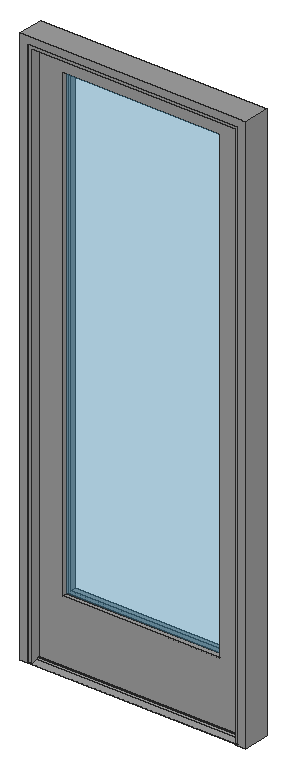
Revit family "AD-375 DOOR-1-PD-CW_v05", category Curtain Panels, Revit 2015
Parameters
  Width [instance] = 3' - 2"
  URL = "obe.com"
  Rough Width [instance] = 3' - 0"
  Panel Width [instance] = Width - 0' 2 1/2"  # 2' - 11 1/2"
  Panel Offset [instance] = 0' - 0"
  Offset [instance] = 0' - 6"
  Model = "AD-375 DOOR"
  Min-Max Rough Width [instance] = if(and((Rough Width > 3' 1 255/256"), (Rough Width < 3' 8 1/256")), Rough Width, 3' 2 1/2")  # 3' - 2 1/2"
  Min-Max Panel Width [instance] = if(and((Rough Width > 3' 1 255/256"), (Rough Width < 3' 8 1/256")), Rough Width - 0' 2 1/2", 3' 0")  # 3' - 0"
  Manufacturer = "Oldcastle BuildingEnvelope®"
  Keynote = "08 11 00"
  Height [instance] = 8' - 0"
  Glass Material = Glass
  Frame Material = Aluminum
  Door Panel Height [instance] = Height - 0' 0 21/32"  # 7' - 11 11/32"
  Description = "AD-375 - 1\" Door Infill"
  Assembly Code = "B2030"
  Analytic Construction = "<None>"
  6 Bottom Rail [instance] = no
  10 Bottom Rail [instance] = not([6 Bottom Rail])  # yes
Reference planes (in)
  plane 1 "Front": y = 0
  plane 2: z = 0
  plane 3 "Center (Left/Right)": x = 0
  plane 4 "Left": x = -19
  plane 5 "Right": x = 19
  plane 6 "Top": z = 96
  plane 7 "Offset": y = -6
  plane 8: x = -19.25
  plane 9: x = 19.25
Forms (in)
  Sweep 1, solid, material "Aluminum" <- "Frame Material"
    path origin (0, -6, 0) x (-1, 0, 0) y (0, 0, 1)
      loop
        line (-19.25, 96) -> (-19.25, 0)
    profile origin (19.25, -6, 48) x (0, 1, 0) y (-1, 0, 0)
      loop
        line (0, 0) -> (0, 1.25) -> (-2.7624, 1.25) -> (-2.7624, 1.812) -> (-4.3574, 1.812) -> (-4.3574, 1.25) -> (-4.50055, 1.25) -> (-4.50055, 0) -> (0, 0)
  Sweep 2, solid, material "Aluminum" <- "Frame Material"
    path origin (0, -6, 0) x (-1, 0, 0) y (0, 0, 1)
      loop
        line (19.25, 96) -> (19.25, 0)
    profile origin (-19.25, -6, 48) x (0, 1, 0) y (-1, 0, 0)
      loop
        line (0, 0) -> (-4.50055, 0) -> (-4.50055, -1.25) -> (-4.3574, -1.25) -> (-4.3574, -1.812) -> (-2.7624, -1.812) -> (-2.7624, -1.25) -> (0, -1.25) -> (0, 0)
  Sweep 3, solid, material "Aluminum" <- "Frame Material"
    path origin (0, -6, 0) x (-1, 0, 0) y (0, 0, 1)
      loop
        line (19.25, 96) -> (-19.25, 96)
    profile origin (0, -6, 96) x (0, 0, -1) y (0, 1, 0)
      loop
        line (1.25, 0) -> (0, 0) -> (0, -4.50055) -> (1.25, -4.50055) -> (1.25, -4.3574) -> (1.812, -4.3574) -> (1.812, -2.7624) -> (1.25, -2.7624) -> (1.25, 0)
Cuts and joins
  joined: Sweep 1, Sweep 2, Sweep 3
Text (in)
  text "Exterior" at (-54.29358, 31.38743, 0), in view "Ref. Level"
  text "Exterior" at (480, 41.53993, 89.60405), in view "Right"
  text "Exterior" at (-240, 57.82419, 105.78864), in view "Left"
Dimensions and locks (in)
  equal spacing: plane 4 "Left", plane 3 "Center (Left/Right)", plane 5 "Right"
  "Width": plane 4 "Left" to plane 5 "Right"
  "Height": plane 6 "Top" to plane 2
  "Offset": plane 7 "Offset" to plane 1 "Front"
  locked: plane 7 "Offset" to nested 2 at 1.4437
  locked: plane 9 to nested 2 at 1.25
  locked: plane 7 "Offset" to nested 3 at 1.4437
  locked: nested 3 to plane 8 at 1.25
  locked: nested 4 to plane 6 "Top" at 1.25
  locked: plane 7 "Offset" to nested 4 at 1.4437
  equal spacing: plane 8, plane 3 "Center (Left/Right)", plane 9
  "Min-Max Rough Width": plane 8 to plane 9
  locked: nested 1 to plane 7 "Offset" at 1.4437
  aligned and locked: level to plane 2
  aligned and locked: plane 3 "Center (Left/Right)" to nested 1
  aligned and locked: plane 2 to Sweep 1 sketch curve
  aligned and locked: plane 6 "Top" to Sweep 1 sketch curve
  aligned and locked: plane 2 to Sweep 2 sketch curve
  aligned and locked: plane 6 "Top" to Sweep 2 sketch curve
  aligned and locked: plane 6 "Top" to Sweep 3 sketch curve
  aligned and locked: plane 8 to Sweep 2 sketch curve
  aligned and locked: Sweep 1 sketch curve to plane 9
  aligned and locked: plane 9 to Sweep 3 sketch curve
  aligned and locked: plane 8 to Sweep 3 sketch curve
Automatic sketch dimensions
  Sweep 2 sketch curve to Sweep 2 sketch curve = 0' - 0.14315"
  Sweep 2 sketch curve to Sweep 2 sketch curve = 0' - 1.595"
  profile plane to Sweep 2 sketch curve = 0' - 1 1/4"  (x2)
  Sweep 2 sketch curve to Sweep 2 sketch curve = 0' - 2.7624"
  Sweep 2 sketch curve to Sweep 2 sketch curve = 0' - 0.562"
  Sweep 2 sketch curve to plane 7 "Offset" = 0' - 0"
  Sweep 2 sketch curve to profile plane = 0' - 0"
  Sweep 1 sketch curve to profile plane = 0' - 1.812"
  profile plane to Sweep 1 sketch curve = 0' - 0"
  Sweep 1 sketch curve to plane 7 "Offset" = 0' - 4.50055"
  Sweep 1 sketch curve to Sweep 1 sketch curve = 0' - 0.14315"
  Sweep 1 sketch curve to Sweep 1 sketch curve = 0' - 1.595"
  Sweep 1 sketch curve to profile plane = 0' - 1 1/4"  (x2)
  Sweep 1 sketch curve to Sweep 1 sketch curve = 0' - 2.7624"
  Sweep 3 sketch curve to profile plane = 0' - 1.812"
  Sweep 3 sketch curve to profile plane = 0' - 1 1/4"  (x2)
  Sweep 3 sketch curve to Sweep 3 sketch curve = 0' - 1 1/4"
  Sweep 3 sketch curve to plane 7 "Offset" = 0' - 4.50055"
  Sweep 3 sketch curve to Sweep 3 sketch curve = 0' - 0.14315"
  Sweep 3 sketch curve to Sweep 3 sketch curve = 0' - 1.595"
  Sweep 3 sketch curve to Sweep 3 sketch curve = 0' - 2.7624"
Nested families (in)
  nested 1: "AD-375 DOOR-1-PD-Panel_v04" at (0, -15, 0), Frame Material <- "Frame Material", Glass Material <- "Glass Material", 6 Bottom Rail <- "6 Bottom Rail", Width <- "Min-Max Panel Width", Height <- "Door Panel Height", Offset <- "Offset", type "AD-375 DOOR-1-PD-Panel"
    with built-in parameter 1001301 3' - 0", Offset 0' - 6", built-in parameter 1001300 7' - 11 11/32", Glass Material Glass, Frame Material Aluminum, Bottom Rail 0' - 10 19/32", 6 Bottom Rail no, 10 Bottom Rail yes
  nested 2: "EDGE FRAME L" at (20.5, -7.4437, 0) x (-1, 0, 0) z (0, 0, 1), type "EDGE FRAME L"
  nested 3: "EDGE FRAME R" at (-20.5, -7.4437, 0) x (-1, 0, 0) z (0, 0, 1), type "EDGE FRAME R"
  nested 4: "TOP FRAME" at (0, -7.4437, 97.25) x (0, -1, 0) z (1, 0, 0), type "TOP FRAME"
Definition of nested family "AD-375 DOOR-1-PD-Panel_v04"
  Parameters (values of type "AD-375 DOOR-1-PD-Panel")
    Width [instance] = 3' - 0"
    Offset [instance] = 0' - 10"
    Height [instance] = 8' - 0"
    Glass Material [instance] = none
    Frame Material [instance] = none
    Bottom Rail [instance] = if([10 Bottom Rail], 0' 10 19/32", 0' 6 19/32")  # 0' - 6 19/32"
    Analytic Construction = "<None>"
    6 Bottom Rail [instance] = yes
    10 Bottom Rail [instance] = not([6 Bottom Rail])  # no
  Reference planes (in)
    plane 1 "00": y = 3.5563
    plane 2: z = 0
    plane 3 "Center (Left/Right)": x = 0
    plane 4: z = 96
    plane 5: x = -18
    plane 6: x = 18
    plane 7 "Center (Front/Back)": y = 15
    plane 8 "Exterior": y = 4.0563
    plane 9: z = 48
    plane 10: z = 92.46875
    plane 11: z = 6.59375
    plane 12: x = -13.87499
    plane 13: x = 13.87499
    plane 14: y = 5
  Forms (in)
    Sweep 1, solid, material <- "Frame Material"
      path origin (0, 3.5563, 0) x (1, 0, 0) y (0, 0, 1)
        loop
          line (-17.93745, 96) -> (17.9375, 96)
      profile origin (0.00003, 3.5563, 96) x (0, 0, 1) y (0, -1, 0)
        loop
          line (-0.59375, -1.3187) -> (-0.59375, 1.3187) -> (-3.96875, 1.3187) -> (-3.96875, 0.5) -> (-3.53125, 0.5) -> (-3.53125, -0.5) -> (-3.96875, -0.5) -> (-3.96875, -1.3187) -> (-0.59375, -1.3187)
    Sweep 2, solid, material <- "Frame Material"
      path origin (0, 3.5563, 0) x (1, 0, 0) y (0, 0, 1)
        loop
          line (17.9375, 0) -> (-17.93745, 0)
      profile origin (0.00003, 3.5563, 0) x (0, 0, -1) y (0, -1, 0)
        loop
          line (-7.125, -0.5) -> (-7.125, -1.3187) -> (-0.375, -1.3187) -> (-0.375, 1.3187) -> (-0.256, 1.3187) -> (-0.256, -0.69426) -> (-0.1048, -1.44415) -> (0, -1.44415) -> (0, 3.05585) -> (-0.09458, 3.05585) -> (-0.256, 1.86985) -> (-0.506, 1.73385) -> (-0.506, 1.3187) -> (-7.125, 1.3187) -> (-7.125, 0.5) -> (-6.59375, 0.5) -> (-6.59375, -0.5) -> (-7.125, -0.5)
    Sweep 3, solid, material <- "Frame Material"
      path origin (0, 3.5563, 0) x (1, 0, 0) y (0, 0, 1)
        loop
          line (18, 95.40625) -> (18, 0)
      profile origin (18, 3.5563, 47.70312) x (0, -1, 0) y (1, 0, 0)
        loop
          line (1.3187, -4.56251) -> (1.3187, -0.0625) -> (-1.3187, -0.0625) -> (-1.3187, -4.56251) -> (-0.5, -4.56251) -> (-0.5, -4.12501) -> (0.5, -4.12501) -> (0.5, -4.56251) -> (1.3187, -4.56251)
    Sweep 4, solid, material <- "Frame Material"
      path origin (0, 3.5563, 0) x (1, 0, 0) y (0, 0, 1)
        loop
          line (-18, 95.40625) -> (-18, 0)
      profile origin (-18, 3.5563, 47.70312) x (0, -1, 0) y (1, 0, 0)
        loop
          line (-1.3187, 0.06255) -> (1.3187, 0.06255) -> (1.3187, 4.56251) -> (0.5, 4.56251) -> (0.5, 4.12501) -> (-0.5, 4.12501) -> (-0.5, 4.56251) -> (-1.3187, 4.56251) -> (-1.3187, 0.06255)
    Extrusion 5, solid, material <- "Glass Material", detail levels coarse
      sketch origin (0, 0, 0) x (1, 0, 0) y (0, 1, 0)
        loop
          line (-13.87499, 4.0563) -> (-13.87499, 3.0563) -> (13.87499, 3.0563) -> (13.87499, 4.0563) -> (-13.87499, 4.0563)
      from 6.59375 to 92.46875
    Extrusion 6, solid, material <- "Glass Material", detail levels medium+fine
      sketch origin (0, 0, 0) x (1, 0, 0) y (0, 1, 0)
        loop
          line (-13.87499, 3.0563) -> (13.87499, 3.0563) -> (13.87499, 3.3043) -> (-13.87499, 3.3043) -> (-13.87499, 3.0563)
        loop
          line (13.87499, 4.0563) -> (-13.87499, 4.0563) -> (-13.87499, 3.8083) -> (13.87499, 3.8083) -> (13.87499, 4.0563)
      from 6.59375 to 92.46875
  Cuts and joins
    joined: Sweep 1, Sweep 2, Sweep 3, Sweep 4
  Lines and regions (in)
    model lines
      curve 1: line (13.87499, 4.0563, 92.46875) -> (-13.43931, 4.0563, 48)
      curve 2: line (-13.43931, 4.0563, 48) -> (13.87499, 4.0563, 6.59375)
  Dimensions and locks (in)
    equal spacing: plane 5, plane 3 "Center (Left/Right)", plane 6
    "Offset": plane 14 to plane 7 "Center (Front/Back)"
    plane 1 "00" to plane 8 "Exterior" to plane 14 = 0' - 0 1/2" locked, 0' - 0.9437" locked
    equal spacing: level, plane 9, plane 4
    locked: Sweep 3 sketch curve to plane 4 at 0.59375
    locked: Sweep 4 sketch curve to plane 4 at 0.59375
    Extrusion 5 sketch curve to plane 1 "00" to Extrusion 5 sketch curve = 0' - 0 1/2" locked, 0' - 0 1/2" locked
    locked: plane 10 to plane 4 at 3.53125
    "Bottom Rail": plane 11 to plane 2
    "Height": plane 4 to plane 2
    locked: Sweep 1 sketch curve to plane 10 at 0.4375  (x2)
    locked: plane 11 to Sweep 2 sketch curve at 0.53125  (x2)
    "Width": plane 5 to plane 6
    locked: plane 6 to Sweep 2 sketch curve at 0.0625
    locked: plane 13 to plane 6 at 4.12501
    locked: plane 5 to plane 12 at 4.12501
    locked: Sweep 2 sketch curve to plane 5 at 0.06255
    locked: Sweep 1 sketch curve to plane 5 at 0.06255
    locked: plane 6 to Sweep 1 sketch curve at 0.0625
    equal spacing: Extrusion 5, Extrusion 6 sketch curve, plane 1 "00", nested 1, Extrusion 5
    aligned and locked: plane 2 to level
    aligned and locked: plane 3 "Center (Left/Right)" to nested 1
    aligned and locked: Sweep 1 sketch curve to plane 4
    aligned and locked: Sweep 2 sketch curve to level
    aligned and locked: level to nested 2
    aligned and locked: nested 2 to plane 1 "00"
    aligned and locked: level to Sweep 3 sketch curve
    aligned and locked: level to Sweep 4 sketch curve
    aligned and locked: Extrusion 6 to plane 10
    aligned and locked: Extrusion 5 to plane 10
    aligned and locked: plane 9 to curve 1
    aligned and locked: plane 11 to Extrusion 6
    aligned and locked: Sweep 3 sketch curve to plane 6
    aligned and locked: Sweep 4 sketch curve to plane 5
    aligned and locked: Extrusion 6 to plane 12  (x2)
    aligned and locked: Extrusion 5 to plane 12
    aligned and locked: plane 13 to Extrusion 6  (x2)
    aligned and locked: plane 13 to Extrusion 5
    aligned and locked: plane 11 to Extrusion 5
    aligned and locked: plane 1 "00" to nested 1
  Automatic sketch dimensions
    Sweep 1 sketch curve to Sweep 1 sketch curve = 0' - 0 7/16"
    profile plane to Sweep 1 sketch curve = 0' - 0 19/32"
    Sweep 1 sketch curve to plane 1 "00" = 0' - 1.3187"
    Sweep 1 sketch curve to plane 1 "00" = 0' - 0 1/2"
    plane 1 "00" to Sweep 1 sketch curve = 0' - 0 1/2"
    Sweep 1 sketch curve to Sweep 1 sketch curve = 0' - 0.8187"
    Sweep 2 sketch curve to profile plane = 0' - 0"
    Sweep 2 sketch curve to Sweep 2 sketch curve = 0' - 0 17/32"
    profile plane to Sweep 2 sketch curve = 0' - 0.256"  (x2)
    profile plane to Sweep 2 sketch curve = 0' - 0.1048"
    profile plane to Sweep 2 sketch curve = 0' - 0.09458"
    Sweep 2 sketch curve to plane 1 "00" = 0' - 1.3187"
    Sweep 2 sketch curve to plane 1 "00" = 0' - 0 1/2"
    plane 1 "00" to Sweep 2 sketch curve = 0' - 0 1/2"
    Sweep 2 sketch curve to Sweep 2 sketch curve = 0' - 0.8187"
    Sweep 2 sketch curve to Sweep 2 sketch curve = 0' - 0.41515"
    Sweep 2 sketch curve to Sweep 2 sketch curve = 0' - 0.136"
    Sweep 2 sketch curve to Sweep 2 sketch curve = 0' - 1.186"
    Sweep 4 sketch curve to profile plane = 0' - 0.06255"
    Sweep 4 sketch curve to plane 1 "00" = 0' - 1.3187"
    Sweep 4 sketch curve to plane 1 "00" = 0' - 0 1/2"
    plane 1 "00" to Sweep 4 sketch curve = 0' - 0 1/2"
    Sweep 4 sketch curve to Sweep 4 sketch curve = 0' - 0.8187"
    Sweep 4 sketch curve to Sweep 4 sketch curve = 0' - 0 7/16"  (x2)
    Extrusion 5 sketch curve to plane 12 = 0' - 0"
    Extrusion 5 sketch curve to plane 13 = 0' - 0"
    Extrusion 6 sketch curve to plane 12 = 0' - 0"  (x2)
    Extrusion 6 sketch curve to plane 13 = 0' - 0"  (x2)
    curve 2 to plane 11 = 0' - 0"
    curve 2 to plane 13 = 0' - 0"
    curve 1 to plane 10 = 0' - 0"
    curve 1 to plane 13 = 0' - 0"
    plane 12 to curve 2 = 0' - 0.43567"
    Sweep 4 sketch curve to Sweep 4 sketch curve = 0' - 4.06246"
    plane 1 "00" to Extrusion 6 sketch curve = 0' - 0 1/2"
    plane 8 "Exterior" to Extrusion 6 sketch curve = 0' - 0.248"
    Extrusion 6 sketch curve to Extrusion 6 sketch curve = 0' - 0.248"  (x2)
    Sweep 2 sketch curve to Sweep 2 sketch curve = 0' - 0.119"
    Sweep 2 sketch curve to Sweep 2 sketch curve = 0' - 0.62444"
    Sweep 2 sketch curve to Sweep 2 sketch curve = 0' - 0"
    Sweep 2 sketch curve to Sweep 2 sketch curve = 0' - 0.131"
    Sweep 2 sketch curve to Sweep 2 sketch curve = 0' - 0.74989"
    Sweep 3 sketch curve to plane 1 "00" = 0' - 1.3187"
    Sweep 3 sketch curve to plane 1 "00" = 0' - 0 1/2"
    plane 1 "00" to Sweep 3 sketch curve = 0' - 0 1/2"
    profile plane to Sweep 3 sketch curve = 0' - 0 1/16"
    plane 1 "00" to Sweep 3 sketch curve = 0' - 1.3187"
    profile plane to Sweep 3 sketch curve = 0' - 4 1/8"
    Sweep 3 sketch curve to Sweep 3 sketch curve = 0' - 0 7/16"  (x2)
  Nested families (in)
    nested 1: "AD-375 DOOR-1-PD-Plan View_v02" at (0, 3.5563, 0), Width <- "Width", type "AD-375 DOOR-1-PD-Plan View_v02"
      with Width 3' - 0"
    nested 2: "AD-375 DOOR-1-PD-Section" at (0, 3.5563, 0) x (0, -1, 0) z (1, 0, 0), Height <- "Height", 6 Bottom Rail <- "6 Bottom Rail", type "AD-375 DOOR-1-PD-Section"
      with Height 8' - 0", Bottom Rail 0' - 6 19/32", 6 Bottom Rail yes, 10 Bottom Rail no
  Definition of nested family "AD-375 DOOR-1-PD-Plan View_v02"
    Parameters (values of type "AD-375 DOOR-1-PD-Plan View_v02")
      Width [instance] = 3' - 6"
    Reference planes (in)
      plane 1 "Center (Front/Back)": y = 0
      plane 2: z = 0
      plane 3 "Center (Left/Right)": x = 0
      plane 4: x = -21
      plane 5: x = 21
      plane 6: x = 19.25
      plane 7: y = 43.6875
      plane 8: x = 16.37479
      plane 9: x = -16.87499
      plane 10: y = 39.06224
      plane 11: x = 20.9375
      plane 12: y = 1.6875
    Lines and regions (in)
      detail lines, in view "Ref. Level", not visible
        curve 1: line (16.37479, -0.5, 0) -> (-16.87499, -0.5, 0)
        curve 2: line (16.37479, 0.5, 0) -> (-16.87499, 0.5, 0)
        curve 13: line (16.37479, 0.252, 0) -> (-16.87499, 0.252, 0)
        curve 14: line (16.37479, -0.252, 0) -> (-16.87499, -0.252, 0)
      detail lines, in view "Ref. Level"
        curve 3: line (19.75, 39.06224, 0) -> (19.75, 5.75001, 0)
        curve 7: line (18.75, 39.06224, 0) -> (18.75, 5.75001, 0)
        curve 15: arc (-20.93744, 1.31766, 0) -> (-8.93443, 31.03567, 0) -> (20.56663, 43.56243, 0) r 41.87657
      detail lines, in view "Ref. Level", detail levels fine
        curve 4: line (19.688, 39.06224, 0) -> (19.688, 5.75001, 0)
        curve 5: line (19.626, 39.06224, 0) -> (19.626, 5.75001, 0)
        curve 6: line (19.564, 39.06224, 0) -> (19.564, 5.75001, 0)
        curve 8: line (18.936, 39.06224, 0) -> (18.936, 5.75001, 0)
        curve 9: line (18.874, 39.06224, 0) -> (18.874, 5.75001, 0)
        curve 10: line (18.812, 39.06224, 0) -> (18.812, 5.75001, 0)
      detail lines, in view "Ref. Level", detail levels medium+fine
        curve 11: line (19.502, 39.06224, 0) -> (19.502, 5.75001, 0)
        curve 12: line (18.998, 39.06224, 0) -> (18.998, 5.75001, 0)
    Dimensions and locks (in)
      "Width": plane 12 to plane 7
      plane 10 to plane 7 to nested 2 = 0' - 4.62526" locked, 0' - 2.46905" locked
      equal spacing: plane 4, plane 3 "Center (Left/Right)", plane 5
      "Width": plane 4 to plane 5
      plane 8 to plane 6 to plane 11 to plane 5 to nested 3 = 0' - 2.87521", 0' - 1 11/16", 0' - 0 1/16" locked, 0' - 2.5315" locked
      nested 1 to plane 4 to plane 9 = 0' - 2.5315" locked, 0' - 4 1/8" locked
      nested 4 to plane 1 "Center (Front/Back)" to plane 12 = 0' - 0.9065" locked, 0' - 1 11/16" locked
      aligned and locked: nested 1 to plane 1 "Center (Front/Back)"
      aligned and locked: nested 2 to curve 15
      aligned and locked: nested 1 to curve 15
      aligned and locked: nested 4 to plane 6
      aligned and locked: nested 2 to plane 6
    Automatic sketch dimensions
      curve 14 to plane 9 = 0' - 0"
      curve 2 to plane 9 = 0' - 0"
      curve 1 to plane 9 = 0' - 0"
      curve 13 to plane 9 = 0' - 0"
      curve 14 to plane 8 = 0' - 0"
      curve 2 to plane 8 = 0' - 0"
      curve 1 to plane 8 = 0' - 0"
      curve 13 to plane 8 = 0' - 0"
      plane 10 to curve 7 = 0' - 0"
      plane 10 to curve 10 = 0' - 0"
      plane 10 to curve 9 = 0' - 0"
      plane 10 to curve 8 = 0' - 0"
      plane 10 to curve 12 = 0' - 0"
      plane 10 to curve 11 = 0' - 0"
      plane 10 to curve 6 = 0' - 0"
      plane 10 to curve 5 = 0' - 0"
      plane 10 to curve 4 = 0' - 0"
      plane 10 to curve 3 = 0' - 0"
      curve 15 to plane 11 = 0' - 0"
      curve 15 to plane 12 = 0' - 0"
      plane 4 to curve 15 = 0' - 0.06256"
      plane 6 to curve 7 = 0' - 0 1/2"
      curve 7 to curve 10 = 0' - 0.062"
      curve 10 to curve 9 = 0' - 0.062"
      curve 9 to curve 8 = 0' - 0.062"
      plane 6 to curve 12 = 0' - 0.252"
      curve 11 to plane 6 = 0' - 0.252"
      curve 11 to curve 6 = 0' - 0.062"
      curve 6 to curve 5 = 0' - 0.062"
      curve 5 to curve 4 = 0' - 0.062"
      curve 4 to curve 3 = 0' - 0.062"
      curve 2 to plane 1 "Center (Front/Back)" = 0' - 0 1/2"
      curve 13 to curve 2 = 0' - 0.248"
      plane 1 "Center (Front/Back)" to curve 14 = 0' - 0.252"
      curve 1 to curve 14 = 0' - 0.248"
      plane 12 to curve 6 = 0' - 4 1/16"
      curve 6 to curve 3 = 0' - 0"
      curve 7 to curve 6 = 0' - 0"
      curve 4 to curve 3 = 0' - 0"
      curve 5 to curve 4 = 0' - 0"
      curve 7 to curve 8 = 0' - 0"
      curve 8 to curve 12 = 0' - 0"
      curve 9 to curve 8 = 0' - 0"
      curve 11 to curve 6 = 0' - 0"
      curve 10 to curve 9 = 0' - 0"
    Nested families (in)
      nested 1: "HINGE-PD-DI" at (-23.5315, 0, 0), type "HINGE-PD-DI", in view "Ref. Level", not visible
      nested 2: "HINGE-PD-DI" at (19.25, 46.15655, 0) x (0, -1, 0) z (0, 0, 1), type "HINGE-PD-DI", in view "Ref. Level"
      nested 3: "HINGE-PD-DI" at (23.5315, 0, 0) x (-1, 0, 0) z (0, 0, 1), type "HINGE-PD-DI", in view "Ref. Level", not visible
      nested 4: "HINGE-PD-DI" at (19.25, -0.9065, 0) x (0, 1, 0) z (0, 0, 1), type "HINGE-PD-DI", in view "Ref. Level"
    Definition of nested family "HINGE-PD-DI"
      Reference planes (in)
        plane 1 "Center (Front/Back)": y = 0
        plane 2: z = 0
        plane 3 "Center (Left/Right)": x = 0
      Lines and regions (in)
        detail lines, in view "Ref. Level"
          curve 1: arc (2.91656, 1.3187, 0) -> (2.85213, 1.29314, 0) -> (2.82273, 1.23036, 0) r 0.094
          curve 2: line (2.82052, 1.19368, 0) -> (2.82273, 1.23036, 0)
          curve 3: line (2.82052, 0.4063, 0) -> (2.82052, 1.19368, 0)
          curve 4: arc (2.81569, 0.4063, 0) -> (2.73, 0.37231, 0) -> (2.69091, 0.28882, 0) r 0.125
          curve 5: line (2.59405, -1.3187, 0) -> (2.69091, 0.28882, 0)
          curve 6: line (7.09401, -1.3187, 0) -> (2.59405, -1.3187, 0)
          curve 7: line (7.09401, -0.5, 0) -> (7.09401, -1.3187, 0)
          curve 8: line (6.65651, -0.5, 0) -> (7.09401, -0.5, 0)
          curve 9: line (6.65651, 0.5, 0) -> (6.65651, -0.5, 0)
          curve 10: line (7.09401, 0.5, 0) -> (6.65651, 0.5, 0)
          curve 11: line (7.09401, 1.3187, 0) -> (7.09401, 0.5, 0)
          curve 12: line (2.91656, 1.3187, 0) -> (7.09401, 1.3187, 0)
  Definition of nested family "AD-375 DOOR-1-PD-Section"
    Parameters (values of type "AD-375 DOOR-Double-1-Section")
      Height [instance] = 8' - 0"
      Bottom Rail [instance] = if([10 Bottom Rail], 0' 10 19/32", 0' 6 19/32")  # 0' - 10 19/32"
      6 Bottom Rail [instance] = no
      10 Bottom Rail [instance] = not([6 Bottom Rail])  # yes
    Reference planes (in)
      plane 1 "Center (Front/Back)": y = 0
      plane 2: z = 0
      plane 3 "Center (Left/Right)": x = 0
      plane 4: y = 92.46875
      plane 5: y = 96
      plane 6: y = 10.59375
    Lines and regions (in)
      detail lines, in view "Ref. Level"
        curve 1: line (-0.5, 92.46875, 0) -> (-0.5, 10.59375, 0)
        curve 10: line (0.5, 92.46875, 0) -> (0.5, 10.59375, 0)
      detail lines, in view "Ref. Level", detail levels fine
        curve 2: line (-0.438, 92.46875, 0) -> (-0.438, 10.59375, 0)
        curve 3: line (-0.376, 92.46875, 0) -> (-0.376, 10.59375, 0)
        curve 4: line (-0.314, 92.46875, 0) -> (-0.314, 10.59375, 0)
        curve 7: line (0.314, 92.46875, 0) -> (0.314, 10.59375, 0)
        curve 8: line (0.376, 92.46875, 0) -> (0.376, 10.59375, 0)
        curve 9: line (0.438, 92.46875, 0) -> (0.438, 10.59375, 0)
      detail lines, in view "Ref. Level", detail levels medium+fine
        curve 5: line (-0.252, 92.46875, 0) -> (-0.252, 10.59375, 0)
        curve 6: line (0.252, 92.46875, 0) -> (0.252, 10.59375, 0)
    Dimensions and locks (in)
      nested 1 to plane 5 to plane 4 = 0' - 3 5/32" locked, 0' - 3 17/32" locked
      "Height": plane 1 "Center (Front/Back)" to plane 5
      "Bottom Rail": plane 1 "Center (Front/Back)" to plane 6
      aligned and locked: plane 3 "Center (Left/Right)" to nested 2
      aligned and locked: plane 3 "Center (Left/Right)" to nested 3
      aligned and locked: plane 4 to curve 1
      aligned and locked: plane 4 to curve 2
      aligned and locked: plane 4 to curve 3
      aligned and locked: plane 4 to curve 4
      aligned and locked: plane 4 to curve 5
      aligned and locked: plane 4 to curve 6
      aligned and locked: plane 4 to curve 7
      aligned and locked: plane 4 to curve 8
      aligned and locked: plane 4 to curve 9
      aligned and locked: plane 4 to curve 10
      aligned and locked: plane 3 "Center (Left/Right)" to nested 1
      aligned and locked: plane 6 to curve 10
      aligned and locked: plane 1 "Center (Front/Back)" to nested 2
      aligned and locked: plane 1 "Center (Front/Back)" to nested 3
    Automatic sketch dimensions
      curve 1 to plane 3 "Center (Left/Right)" = 0' - 0 1/2"
      curve 1 to curve 2 = 0' - 0.062"
      curve 2 to curve 3 = 0' - 0.062"
      curve 3 to curve 4 = 0' - 0.062"
      curve 4 to curve 5 = 0' - 0.062"
      plane 3 "Center (Left/Right)" to curve 6 = 0' - 0.252"
      curve 6 to curve 7 = 0' - 0.062"
      curve 7 to curve 8 = 0' - 0.062"
      curve 8 to curve 9 = 0' - 0.062"
      curve 9 to curve 10 = 0' - 0.062"
      curve 1 to curve 10 = 0' - 0"
      curve 9 to curve 10 = 0' - 0"
      curve 1 to curve 2 = 0' - 0"
      curve 8 to curve 9 = 0' - 0"
      curve 2 to curve 3 = 0' - 0"
      curve 7 to curve 8 = 0' - 0"
      curve 3 to curve 4 = 0' - 0"
      curve 6 to curve 7 = 0' - 0"
      curve 4 to curve 5 = 0' - 0"
    Nested families (in)
      nested 1: "TOP RAIL HINGE" at (0, 99.15625, 0), type "TOP RAIL-DI", in view "Ref. Level"
      nested 2: "6 BOTTOM RAIL" at (0, 7.12504, 0), visible <- "6 Bottom Rail", type "8 BOTTOM RAIL", in view "Ref. Level"
      nested 3: "10 BOTTOM RAIL" at (0, 11.12508, 0), visible <- "10 Bottom Rail", type "10 BOTTOM RAIL", in view "Ref. Level"
    Definition of nested family "TOP RAIL HINGE"
      Reference planes (in)
        plane 1 "Center (Front/Back)": y = 0
        plane 2: z = 0
        plane 3 "Center (Left/Right)": x = 0
      Lines and regions (in)
        detail lines, in view "Ref. Level"
          curve 1: line (1.3187, -3.875, 0) -> (-1.2884, -3.875, 0)
          curve 2: line (-1.2884, -3.875, 0) -> (-1.2884, -7.125, 0)
          curve 3: line (-1.2884, -7.125, 0) -> (-0.5, -7.125, 0)
          curve 4: line (-0.5, -7.125, 0) -> (-0.5, -6.6875, 0)
          curve 5: line (-0.5, -6.6875, 0) -> (0.5, -6.6875, 0)
          curve 6: line (0.5, -6.6875, 0) -> (0.5, -7.125, 0)
          curve 7: line (0.5, -7.125, 0) -> (1.3187, -7.125, 0)
          curve 8: line (1.3187, -7.125, 0) -> (1.3187, -3.875, 0)
    Definition of nested family "6 BOTTOM RAIL"
      Types (2): name
        6 BOTTOM RAIL
        8 BOTTOM RAIL
      Reference planes (in)
        plane 1 "Center (Front/Back)": y = 0
        plane 2: z = 0
        plane 3 "Center (Left/Right)": x = 0
      Lines and regions (in)
        detail lines, in view "Ref. Level"
          curve 1: line (0.5, -0.53204, 0) -> (-0.5, -0.53204, 0)
          curve 2: line (-0.5, -0.53204, 0) -> (-0.5, 0, 0)
          curve 3: line (-0.5, 0, 0) -> (-1.2884, 0, 0)
          curve 4: line (-1.2884, 0, 0) -> (-1.2884, -6.75004, 0)
          curve 5: line (-1.2884, -6.75004, 0) -> (1.3187, -6.75004, 0)
          curve 6: line (1.3187, -6.75004, 0) -> (1.3187, 0, 0)
          curve 7: line (1.3187, 0, 0) -> (0.5, 0, 0)
          curve 8: line (0.5, 0, 0) -> (0.5, -0.53204, 0)
          curve 9: line (0.5, -0.53204, 0) -> (-0.5, -0.53204, 0)
          curve 10: line (-0.5, -0.53204, 0) -> (-0.5, 0, 0)
          curve 11: line (-0.5, 0, 0) -> (-1.2884, 0, 0)
          curve 12: line (-1.2884, 0, 0) -> (-1.2884, -6.75004, 0)
          curve 13: line (-1.2884, -6.75004, 0) -> (1.3187, -6.75004, 0)
          curve 14: line (1.3187, -6.75004, 0) -> (1.3187, 0, 0)
          curve 15: line (1.3187, 0, 0) -> (0.5, 0, 0)
          curve 16: line (-0.69426, -6.86904, 0) -> (1.3187, -6.86904, 0)
          curve 17: line (-1.33799, -6.99884, 0) -> (-0.69426, -6.86904, 0)
          curve 18: arc (-1.33799, -6.99884, 0) -> (-1.40969, -7.04655, 0) -> (-1.44514, -7.12504, 0) r 0.156
          curve 19: line (3.05585, -7.12504, 0) -> (-1.44514, -7.12504, 0)
          curve 20: arc (3.05585, -7.05876, 0) -> (3.04745, -7.03638, 0) -> (3.0264, -7.02507, 0) r 0.034
          curve 21: line (3.05585, -7.05876, 0) -> (3.05585, -7.12504, 0)
          curve 22: line (1.86985, -6.86904, 0) -> (3.0264, -7.02507, 0)
          curve 23: line (1.73385, -6.61904, 0) -> (1.86985, -6.86904, 0)
          curve 24: line (1.3187, -6.61904, 0) -> (1.73385, -6.61904, 0)
          curve 25: line (1.3187, -6.86904, 0) -> (1.3187, -6.61904, 0)
    Definition of nested family "10 BOTTOM RAIL"
      Reference planes (in)
        plane 1 "Center (Front/Back)": y = 0
        plane 2: z = 0
        plane 3 "Center (Left/Right)": x = 0
      Lines and regions (in)
        detail lines, in view "Ref. Level"
          curve 1: line (-1.2884, 0, 0) -> (-1.2884, -10.75008, 0)
          curve 2: line (-1.2884, -10.75008, 0) -> (1.3187, -10.75008, 0)
          curve 3: line (1.3187, -10.75008, 0) -> (1.3187, 0, 0)
          curve 4: line (1.3187, 0, 0) -> (0.5, 0, 0)
          curve 5: line (0.5, 0, 0) -> (0.5, -0.53204, 0)
          curve 6: line (0.5, -0.53204, 0) -> (-0.5, -0.53204, 0)
          curve 7: line (-0.5, -0.53204, 0) -> (-0.5, 0, 0)
          curve 8: line (-0.5, 0, 0) -> (-1.2884, 0, 0)
          curve 9: line (0.5, -0.53204, 0) -> (-0.5, -0.53204, 0)
          curve 10: line (-0.5, -0.53204, 0) -> (-0.5, 0, 0)
          curve 11: line (-0.5, 0, 0) -> (-1.2884, 0, 0)
          curve 12: line (-1.2884, 0, 0) -> (-1.2884, -10.75008, 0)
          curve 13: line (-1.2884, -10.75008, 0) -> (1.3187, -10.75008, 0)
          curve 14: line (1.3187, -10.75008, 0) -> (1.3187, 0, 0)
          curve 15: line (1.3187, 0, 0) -> (0.5, 0, 0)
          curve 16: line (0.5, 0, 0) -> (0.5, -0.53204, 0)
          curve 17: line (-0.69426, -10.86908, 0) -> (1.3187, -10.86908, 0)
          curve 18: line (-1.33799, -10.99888, 0) -> (-0.69426, -10.86908, 0)
          curve 19: arc (-1.33799, -10.99888, 0) -> (-1.40969, -11.0466, 0) -> (-1.44514, -11.12508, 0) r 0.156
          curve 20: line (3.05585, -11.12508, 0) -> (-1.44514, -11.12508, 0)
          curve 21: line (3.05585, -11.0588, 0) -> (3.05585, -11.12508, 0)
          curve 22: arc (3.05585, -11.0588, 0) -> (3.04745, -11.03643, 0) -> (3.0264, -11.02511, 0) r 0.034
          curve 23: line (1.86985, -10.86908, 0) -> (3.0264, -11.02511, 0)
          curve 24: line (1.73385, -10.61908, 0) -> (1.86985, -10.86908, 0)
          curve 25: line (1.3187, -10.61908, 0) -> (1.73385, -10.61908, 0)
          curve 26: line (1.3187, -10.86908, 0) -> (1.3187, -10.61908, 0)
Definition of nested family "EDGE FRAME L"
  Reference planes (in)
    plane 1 "Center (Front/Back)": y = 0
    plane 2: z = 0
    plane 3 "Center (Left/Right)": x = 0
  Lines and regions (in)
    detail lines, in view "Ref. Level"
      curve 1: line (2.5, 1.3187, 0) -> (2.5, -1.4437, 0)
      curve 2: line (2.5, -1.4437, 0) -> (1.25, -1.4437, 0)
      curve 3: line (1.25, -1.4437, 0) -> (1.25, 3.05685, 0)
      curve 4: line (1.25, 3.05685, 0) -> (2.5, 3.05685, 0)
      curve 5: line (2.5, 3.05685, 0) -> (2.5, 2.9137, 0)
      curve 6: line (2.5, 2.9137, 0) -> (3.062, 2.9137, 0)
      curve 7: line (3.062, 2.9137, 0) -> (3.062, 1.3187, 0)
      curve 8: line (3.062, 1.3187, 0) -> (2.5, 1.3187, 0)
Definition of nested family "EDGE FRAME R"
  Reference planes (in)
    plane 1 "Center (Front/Back)": y = 0
    plane 2: z = 0
    plane 3 "Center (Left/Right)": x = 0
  Lines and regions (in)
    detail lines, in view "Ref. Level"
      curve 1: line (-2.5, 1.3187, 0) -> (-2.5, -1.4437, 0)
      curve 2: line (-2.5, -1.4437, 0) -> (-1.25, -1.4437, 0)
      curve 3: line (-1.25, -1.4437, 0) -> (-1.25, 3.05685, 0)
      curve 4: line (-1.25, 3.05685, 0) -> (-2.5, 3.05685, 0)
      curve 5: line (-2.5, 3.05685, 0) -> (-2.5, 2.9137, 0)
      curve 6: line (-2.5, 2.9137, 0) -> (-3.062, 2.9137, 0)
      curve 7: line (-3.062, 2.9137, 0) -> (-3.062, 1.3187, 0)
      curve 8: line (-3.062, 1.3187, 0) -> (-2.5, 1.3187, 0)
Definition of nested family "TOP FRAME"
  Reference planes (in)
    plane 1 "Center (Front/Back)": y = 0
    plane 2: z = 0
    plane 3 "Center (Left/Right)": x = 0
  Lines and regions (in)
    detail lines, in view "Ref. Level"
      curve 1: line (-1.4437, -2.5, 0) -> (1.3187, -2.5, 0)
      curve 2: line (1.3187, -2.5, 0) -> (1.3187, -3.062, 0)
      curve 3: line (1.3187, -3.062, 0) -> (2.9137, -3.062, 0)
      curve 4: line (2.9137, -3.062, 0) -> (2.9137, -2.5, 0)
      curve 5: line (2.9137, -2.5, 0) -> (3.05685, -2.5, 0)
      curve 6: line (3.05685, -2.5, 0) -> (3.05685, -1.25, 0)
      curve 7: line (3.05685, -1.25, 0) -> (-1.4437, -1.25, 0)
      curve 8: line (-1.4437, -1.25, 0) -> (-1.4437, -2.5, 0)
